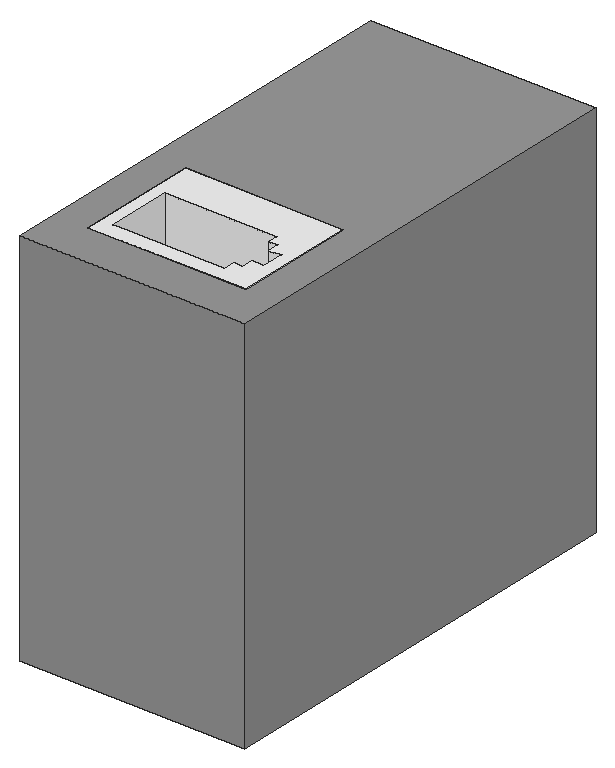
Revit family "Domotics-DomesticRanges-GEWISS-CHORUS_DATA-SOCKET-OUTLET_PHONE_ENG", category Apparecchi elettrici, host Superficie, Revit 2016
Family settings
  Host = Superficie
  Mantenere orientamento annotazione = Sì
  Tipo di parte = Normale
  Quota connettore circolare = Usa diametro
  Numero OmniClass = 23.80.50.11.14
  Titolo OmniClass = Switches
  Taglio con vuoti quando caricato = Sì
  Condiviso = Sì
  Punto di calcolo locali = Sì
Parameters (values of type "GW14406 - TELEPHONE CONNECTOR BRITISH ST TITANIUM")
  Volt = 230 V
  Vista di pianta [instance] = yes
  Version file RFA = "19.0"
  URL = "https://www.gewiss.com/ww/en"
  Tipo_ = SYSTEM PRESE TEL ENG_BASE : GW - Titanio
  Technical sheet = "https://www.gewiss.com/ww/en/search?q=GW14406"
  SIMBOLO [instance] = yes
  Realized by GEWISS S.p.A. = ""
  Produttore = "GEWISS S.p.A."
  Offset pulsante [instance] = 0 mm
  Offset bidimensionale [instance] = 39.5 mm
  N. poli = 1
  Modello = "GW14406"
  Larghezza pulsante = 23 mm
  IFC.TypeObject = ""
  IFC.ExportType = ""
  IFC.ExportAs = ""
  IDT = "877b9bdb-bb23-4ec1-8ae3-ce0bddbed5e2"
  IDF = "df9d88d5-13ea-46c3-aa78-49abfe027388"
  Finitura pulsante = GEWISS ACCIAIO TITANIO
  Electrocod = "3722                "
  EAN code = "8011564267237"
  Distanza_x [instance] = 0 mm
  Distanza_effettiva_y [instance] = 100 mm
  Distanza_effettiva_x [instance] = 1500 mm - Distanza_x  # 1500 mm
  Distanza orizzontale simbolo [instance] = 231.658 mm
  Distanza dal muro [instance] = 4.208 mm
  Default Elevation = 1219.2 mm
  Immagine tipo = GW14406.jpg
  Descrizione = "TELEPHONE CONNECTOR BRITISH ST TITANIUM"
  Catalogue Range = "CHORUS - DOMESTIC RANGE"
  Catalogue = "DOMOTICS"
  Carico apparente = 0 VA
  COBie.Tagnumber = ""
  COBie.CreatedOn = ""
  COBie.CreatebBy = ""
  COBie.ComponentRegisterItemID = ""
  COBie.Component.TagNumber = ""
  COBie.Component.Space = ""
  COBie.Component.SerialNumber = ""
  COBie.Component.InstallationDate = ""
  COBie.Component.Description = ""
  COBie.Component.BarCode = ""
Types (3, lengths in mm): name | Tipo_ | Technical sheet | Modello | IDT | Finitura pulsante | EAN code | Immagine tipo | Descrizione
  GW10406 - TELEPHONE CONNECTOR BRITISH ST WHITE | SYSTEM PRESE TEL ENG_BASE : GW - Bianco | "https://www.gewiss.com/ww/en/search?q=GW10406" | "GW10406" | "d721c7ff-59ab-4262-8270-9319c4af58aa" | GEWISS ACCIAIO BIANCO | "8011564259447" | GW10406.jpg | "TELEPHONE CONNECTOR BRITISH ST WHITE"
  GW12406 - TELEPHONE CONNECTOR BRITISH ST BLACK | SYSTEM PRESE TEL ENG_BASE : GW - Nero | "https://www.gewiss.com/ww/en/search?q=GW12406" | "GW12406" | "db66bb1b-8698-4182-a2e4-27a7aae390a4" | GEWISS ACCIAIO NERO | "8011564269088" | GW12406.jpg | "TELEPHONE CONNECTOR BRITISH ST BLACK"
  GW14406 - TELEPHONE CONNECTOR BRITISH ST TITANIUM | SYSTEM PRESE TEL ENG_BASE : GW - Titanio | "https://www.gewiss.com/ww/en/search?q=GW14406" | "GW14406" | "877b9bdb-bb23-4ec1-8ae3-ce0bddbed5e2" | GEWISS ACCIAIO TITANIO | "8011564267237" | GW14406.jpg | "TELEPHONE CONNECTOR BRITISH ST TITANIUM"
Reference planes
  plane 1 "Centro (Fronte/Retro)": y = 0
  plane 2: z = 0
  plane 3 "Centro (Sinistra/Destra)": x = 0
  plane 4: z = 0
  plane 5 "piano bidimensionale": z = 39.5
  plane 6: x = -11.5
  plane 7: x = 11.5
  plane 8 "A": z = 39
  plane 9: x = -1500
  plane 10: x = 0
  plane 11: y = 100
Lines and regions (mm)
  Masking region 1, visible <- "Vista di pianta"
    outline origin (0, 0, 0) x (1, 0, 0) y (0, 1, 0)
      loop
        line (-11.5, 22.5) -> (-11.5, -22.5) -> (11.5, -22.5) -> (11.5, 22.5) -> (-11.5, 22.5)
      loop
        line (-3.974, 12.386) -> (-5.036, 13.774) -> (-5.991, 13.362) -> (-6.815, 14.295) -> (-7.639, 15.878) -> (-6.75, 16.529) -> (-7.726, 18.22) -> (-9.049, 17.114) -> (-8.658, 15.791) -> (-7.942, 14.295) -> (-6.598, 12.386) -> (-5.687, 11.606) -> (-3.974, 12.386)
      loop
        line (-8.084, -5.561) -> (-8.084, -18.053) -> (8.084, -18.053) -> (8.084, -5.561) -> (-8.084, -5.561)
      loop
        line (4.652, -16.476) -> (4.652, -15.307) -> (5.588, -15.307) -> (5.588, -14.211) -> (6.864, -14.211) -> (6.864, -11.941) -> (5.588, -11.941) -> (5.588, -10.845) -> (4.652, -10.845) -> (4.652, -9.839) -> (-6.799, -9.839) -> (-6.799, -16.476) -> (4.652, -16.476)
  Masking region 2, visible <- "Vista di pianta"
    outline origin (0, 0, 0) x (1, 0, 0) y (0, 0, 1)
      loop
        line (11.5, 0) -> (11.5, 39) -> (-11.5, 39) -> (-11.5, 0) -> (11.5, 0)
  Masking region 3, visible <- "Vista di pianta"
    outline origin (0, 0, 0) x (0, 1, 0) y (0, 0, 1)
      loop
        line (22.5, 0) -> (22.5, 39) -> (-22.5, 39) -> (-22.5, 0) -> (22.5, 0)
  model lines, style "0", detail levels coarse
    curve 1: line (11.5, -22.5, 39.5) -> (-11.5, -22.5, 39.5)
    curve 2: line (-11.5, -22.5, 39.5) -> (-11.5, 22.5, 39.5)
    curve 3: line (-11.5, 22.5, 39.5) -> (11.5, 22.5, 39.5)
    curve 4: line (11.5, 22.5, 39.5) -> (11.5, -22.5, 39.5)
    curve 5: line (-8.084, -18.053, 39.5) -> (-8.084, -5.561, 39.5)
    curve 6: line (-8.084, -5.561, 39.5) -> (8.084, -5.561, 39.5)
    curve 7: line (8.084, -5.561, 39.5) -> (8.084, -18.053, 39.5)
    curve 8: line (8.084, -18.053, 39.5) -> (-8.084, -18.053, 39.5)
    curve 9: line (4.554, -10.262, 39.5) -> (4.554, -9.839, 39.5)
    curve 10: line (4.554, -9.839, 39.5) -> (-6.799, -9.839, 39.5)
    curve 11: line (-6.799, -9.839, 39.5) -> (-6.799, -14.947, 39.5)
    curve 12: line (-6.799, -14.947, 39.5) -> (-6.279, -14.947, 39.5)
    curve 13: line (-6.279, -14.947, 39.5) -> (-6.279, -16.476, 39.5)
    curve 14: line (-6.279, -16.476, 39.5) -> (4.652, -16.476, 39.5)
    curve 15: line (4.652, -16.476, 39.5) -> (4.652, -15.727, 39.5)
    curve 16: line (4.652, -15.727, 39.5) -> (6.148, -15.727, 39.5)
    curve 17: line (6.148, -15.727, 39.5) -> (6.148, -14.621, 39.5)
    curve 18: line (6.148, -14.621, 39.5) -> (6.864, -14.621, 39.5)
    curve 19: line (6.864, -14.621, 39.5) -> (6.864, -11.531, 39.5)
    curve 20: line (6.864, -11.531, 39.5) -> (6.148, -11.531, 39.5)
    curve 21: line (6.148, -11.531, 39.5) -> (6.148, -10.262, 39.5)
    curve 22: line (6.148, -10.262, 39.5) -> (4.554, -10.262, 39.5)
    curve 23: line (-7.726, 18.22, 39.5) -> (-9.049, 17.114, 39.5)
    curve 24: line (-9.049, 17.114, 39.5) -> (-8.658, 15.791, 39.5)
    curve 25: line (-8.658, 15.791, 39.5) -> (-7.942, 14.295, 39.5)
    curve 26: line (-7.942, 14.295, 39.5) -> (-6.598, 12.386, 39.5)
    curve 27: line (-6.598, 12.386, 39.5) -> (-5.687, 11.606, 39.5)
    curve 28: line (-5.687, 11.606, 39.5) -> (-3.974, 12.386, 39.5)
    curve 29: line (-3.974, 12.386, 39.5) -> (-5.036, 13.774, 39.5)
    curve 30: line (-5.036, 13.774, 39.5) -> (-5.991, 13.362, 39.5)
    curve 31: line (-5.991, 13.362, 39.5) -> (-6.815, 14.295, 39.5)
    curve 32: line (-6.815, 14.295, 39.5) -> (-7.639, 15.878, 39.5)
    curve 33: line (-7.639, 15.878, 39.5) -> (-6.75, 16.529, 39.5)
    curve 34: line (-6.75, 16.529, 39.5) -> (-7.726, 18.22, 39.5)
  model lines, style "0", not visible, detail levels coarse
    curve 35: line (99.729, 22.641, 49) -> (76.729, 22.641, 49)
    curve 36: line (76.729, 22.641, 49) -> (76.729, 67.641, 49)
    curve 37: line (76.729, 67.641, 49) -> (99.729, 67.641, 49)
    curve 38: line (99.729, 67.641, 49) -> (99.729, 22.641, 49)
    curve 39: line (80.145, 27.088, 49) -> (80.145, 39.58, 49)
    curve 40: line (80.145, 39.58, 49) -> (96.313, 39.58, 49)
    curve 41: line (96.313, 39.58, 49) -> (96.313, 27.088, 49)
    curve 42: line (96.313, 27.088, 49) -> (80.145, 27.088, 49)
    curve 43: line (92.784, 34.879, 49) -> (92.784, 35.302, 49)
    curve 44: line (92.784, 35.302, 49) -> (81.43, 35.302, 49)
    curve 45: line (81.43, 35.302, 49) -> (81.43, 30.195, 49)
    curve 46: line (81.43, 30.195, 49) -> (81.951, 30.195, 49)
    curve 47: line (81.951, 30.195, 49) -> (81.951, 28.666, 49)
    curve 48: line (81.951, 28.666, 49) -> (92.881, 28.666, 49)
    curve 49: line (92.881, 28.666, 49) -> (92.881, 29.414, 49)
    curve 50: line (92.881, 29.414, 49) -> (94.378, 29.414, 49)
    curve 51: line (94.378, 29.414, 49) -> (94.378, 30.52, 49)
    curve 52: line (94.378, 30.52, 49) -> (95.093, 30.52, 49)
    curve 53: line (95.093, 30.52, 49) -> (95.093, 33.611, 49)
    curve 54: line (95.093, 33.611, 49) -> (94.378, 33.611, 49)
    curve 55: line (94.378, 33.611, 49) -> (94.378, 34.879, 49)
    curve 56: line (94.378, 34.879, 49) -> (92.784, 34.879, 49)
    curve 57: line (83.085, 35.302, 49) -> (83.085, 32.644, 49)
    curve 58: line (83.085, 32.644, 49) -> (83.605, 32.644, 49)
    curve 59: line (83.605, 32.644, 49) -> (83.605, 35.302, 49)
    curve 60: line (84.754, 35.302, 49) -> (84.754, 32.644, 49)
    curve 61: line (84.754, 32.644, 49) -> (85.275, 32.644, 49)
    curve 62: line (85.275, 32.644, 49) -> (85.275, 35.302, 49)
    curve 63: line (86.424, 35.302, 49) -> (86.424, 32.644, 49)
    curve 64: line (86.424, 32.644, 49) -> (86.945, 32.644, 49)
    curve 65: line (86.945, 32.644, 49) -> (86.945, 35.302, 49)
    curve 66: line (88.094, 35.302, 49) -> (88.094, 32.644, 49)
    curve 67: line (88.094, 32.644, 49) -> (88.615, 32.644, 49)
    curve 68: line (88.615, 32.644, 49) -> (88.615, 35.302, 49)
    curve 69: line (89.764, 35.302, 49) -> (89.764, 32.644, 49)
    curve 70: line (89.764, 32.644, 49) -> (90.285, 32.644, 49)
    curve 71: line (90.285, 32.644, 49) -> (90.285, 35.302, 49)
    curve 72: line (91.434, 35.302, 49) -> (91.434, 32.644, 49)
    curve 73: line (91.434, 32.644, 49) -> (91.955, 32.644, 49)
    curve 74: line (91.955, 32.644, 49) -> (91.955, 35.302, 49)
    curve 75: line (80.504, 63.362, 49) -> (79.181, 62.256, 49)
    curve 76: line (79.181, 62.256, 49) -> (79.571, 60.933, 49)
    curve 77: line (79.571, 60.933, 49) -> (80.287, 59.436, 49)
    curve 78: line (80.287, 59.436, 49) -> (81.631, 57.528, 49)
    curve 79: line (81.631, 57.528, 49) -> (82.542, 56.747, 49)
    curve 80: line (82.542, 56.747, 49) -> (84.256, 57.528, 49)
    curve 81: line (84.256, 57.528, 49) -> (83.193, 58.916, 49)
    curve 82: line (83.193, 58.916, 49) -> (82.239, 58.504, 49)
    curve 83: line (82.239, 58.504, 49) -> (81.414, 59.436, 49)
    curve 84: line (81.414, 59.436, 49) -> (80.59, 61.02, 49)
    curve 85: line (80.59, 61.02, 49) -> (81.48, 61.67, 49)
    curve 86: line (81.48, 61.67, 49) -> (80.504, 63.362, 49)
    curve 87: line (94.988, -12.678, 39.5) -> (71.988, -12.678, 39.5)
    curve 88: line (71.988, -12.678, 39.5) -> (71.988, 32.322, 39.5)
    curve 89: line (71.988, 32.322, 39.5) -> (94.988, 32.322, 39.5)
    curve 90: line (94.988, 32.322, 39.5) -> (94.988, -12.678, 39.5)
    curve 91: line (75.404, -8.231, 39.5) -> (75.404, 4.261, 39.5)
    curve 92: line (75.404, 4.261, 39.5) -> (91.572, 4.261, 39.5)
    curve 93: line (91.572, 4.261, 39.5) -> (91.572, -8.231, 39.5)
    curve 94: line (91.572, -8.231, 39.5) -> (75.404, -8.231, 39.5)
    curve 95: line (88.043, -0.44, 39.5) -> (88.043, -0.017, 39.5)
    curve 96: line (88.043, -0.017, 39.5) -> (76.689, -0.017, 39.5)
    curve 97: line (76.689, -0.017, 39.5) -> (76.689, -5.125, 39.5)
    curve 98: line (76.689, -5.125, 39.5) -> (77.21, -5.125, 39.5)
    curve 99: line (77.21, -5.125, 39.5) -> (77.21, -6.654, 39.5)
    curve 100: line (77.21, -6.654, 39.5) -> (88.14, -6.654, 39.5)
    curve 101: line (88.14, -6.654, 39.5) -> (88.14, -5.905, 39.5)
    curve 102: line (88.14, -5.905, 39.5) -> (89.637, -5.905, 39.5)
    curve 103: line (89.637, -5.905, 39.5) -> (89.637, -4.799, 39.5)
    curve 104: line (89.637, -4.799, 39.5) -> (90.352, -4.799, 39.5)
    curve 105: line (90.352, -4.799, 39.5) -> (90.352, -1.709, 39.5)
    curve 106: line (90.352, -1.709, 39.5) -> (89.637, -1.709, 39.5)
    curve 107: line (89.637, -1.709, 39.5) -> (89.637, -0.44, 39.5)
    curve 108: line (89.637, -0.44, 39.5) -> (88.043, -0.44, 39.5)
    curve 109: line (75.763, 28.043, 39.5) -> (74.44, 26.936, 39.5)
    curve 110: line (74.44, 26.936, 39.5) -> (74.83, 25.613, 39.5)
    curve 111: line (74.83, 25.613, 39.5) -> (75.546, 24.117, 39.5)
    curve 112: line (75.546, 24.117, 39.5) -> (76.89, 22.209, 39.5)
    curve 113: line (76.89, 22.209, 39.5) -> (77.801, 21.428, 39.5)
    curve 114: line (77.801, 21.428, 39.5) -> (79.515, 22.209, 39.5)
    curve 115: line (79.515, 22.209, 39.5) -> (78.452, 23.597, 39.5)
    curve 116: line (78.452, 23.597, 39.5) -> (77.498, 23.184, 39.5)
    curve 117: line (77.498, 23.184, 39.5) -> (76.673, 24.117, 39.5)
    curve 118: line (76.673, 24.117, 39.5) -> (75.849, 25.7, 39.5)
    curve 119: line (75.849, 25.7, 39.5) -> (76.739, 26.351, 39.5)
    curve 120: line (76.739, 26.351, 39.5) -> (75.763, 28.043, 39.5)
Dimensions and locks
  "Offset pulsante": plane 4 to host face
  equal spacing: plane 6, plane 3 "Centro (Sinistra/Destra)", plane 7
  "Larghezza pulsante": plane 6 to plane 7
  locked: plane 8 "A" to plane 4 at 39
  plane 9 to plane 3 "Centro (Sinistra/Destra)" = 1500 mm
  "Distanza_effettiva_x": plane 9 to plane 10
  "Distanza_effettiva_y": plane 11 to plane 1 "Centro (Fronte/Retro)"
  "Offset bidimensionale": plane 5 "piano bidimensionale" to host face
  aligned and locked: plane 2 to host face
  aligned and locked: level to host face
  aligned and locked: plane 10 to nested 1
  aligned and locked: plane 1 "Centro (Fronte/Retro)" to nested 1
  aligned and locked: Masking region 1 sketch curve to plane 6
  aligned and locked: Masking region 1 sketch curve to plane 7
  aligned and locked: nested 2 to plane 10
  aligned and locked: nested 2 to plane 11
  aligned and locked: Masking region 3 to plane 4
Automatic sketch dimensions
  host sketch curve to host sketch curve = 2438.4 mm  (x2)
  plane 1 "Centro (Fronte/Retro)" to Masking region 1 sketch curve = 22.5 mm
  Masking region 1 sketch curve to plane 1 "Centro (Fronte/Retro)" = 22.5 mm
  Masking region 1 sketch curve to plane 3 "Centro (Sinistra/Destra)" = 3.974 mm
  Masking region 1 sketch curve to plane 1 "Centro (Fronte/Retro)" = 12.386 mm
  Masking region 1 sketch curve to Masking region 1 sketch curve = 1.713 mm
  Masking region 1 sketch curve to Masking region 1 sketch curve = 1.063 mm
  Masking region 1 sketch curve to Masking region 1 sketch curve = 0.781 mm  (x2)
  Masking region 1 sketch curve to Masking region 1 sketch curve = 1.388 mm
  Masking region 1 sketch curve to Masking region 1 sketch curve = 0.911 mm
  Masking region 1 sketch curve to Masking region 1 sketch curve = 1.345 mm
  Masking region 1 sketch curve to Masking region 1 sketch curve = 1.909 mm
  Masking region 1 sketch curve to Masking region 1 sketch curve = 0.716 mm
  Masking region 1 sketch curve to Masking region 1 sketch curve = 1.496 mm
  Masking region 1 sketch curve to Masking region 1 sketch curve = 0.39 mm
  Masking region 1 sketch curve to Masking region 1 sketch curve = 1.323 mm  (x2)
  Masking region 1 sketch curve to Masking region 1 sketch curve = 1.106 mm
  Masking region 1 sketch curve to Masking region 1 sketch curve = 0.976 mm
  Masking region 1 sketch curve to Masking region 1 sketch curve = 1.692 mm
  Masking region 1 sketch curve to Masking region 1 sketch curve = 1.019 mm
  Masking region 1 sketch curve to Masking region 1 sketch curve = 0.087 mm
  Masking region 1 sketch curve to Masking region 1 sketch curve = 1.128 mm
  Masking region 1 sketch curve to Masking region 1 sketch curve = 0 mm
  Masking region 1 sketch curve to Masking region 1 sketch curve = 0.954 mm
  Masking region 1 sketch curve to Masking region 1 sketch curve = 0.412 mm
  plane 6 to Masking region 1 sketch curve = 3.416 mm
  plane 1 "Centro (Fronte/Retro)" to Masking region 1 sketch curve = 5.561 mm
  Masking region 1 sketch curve to Masking region 1 sketch curve = 4.447 mm
  Masking region 1 sketch curve to plane 7 = 3.416 mm
  Masking region 1 sketch curve to Masking region 1 sketch curve = 1.285 mm
  Masking region 1 sketch curve to Masking region 1 sketch curve = 1.578 mm
  Masking region 1 sketch curve to Masking region 1 sketch curve = 3.432 mm
  Masking region 1 sketch curve to Masking region 1 sketch curve = 4.278 mm
  Masking region 1 sketch curve to Masking region 1 sketch curve = 1.006 mm
  Masking region 1 sketch curve to Masking region 1 sketch curve = 0.936 mm  (x2)
  Masking region 1 sketch curve to Masking region 1 sketch curve = 1.096 mm  (x2)
  Masking region 1 sketch curve to Masking region 1 sketch curve = 1.276 mm  (x2)
  Masking region 1 sketch curve to Masking region 1 sketch curve = 2.27 mm
  Masking region 2 sketch curve to plane 4 = 0 mm
  Masking region 2 sketch curve to plane 8 "A" = 0 mm
  curve 2 to curve 23 = 4.28 mm
  curve 23 to curve 24 = 1.106 mm
  curve 23 to curve 34 = 1.692 mm
  curve 33 to curve 32 = 0.651 mm
  curve 32 to curve 24 = 0.087 mm
  curve 32 to curve 32 = 1.583 mm
  curve 25 to curve 31 = 0 mm
  curve 31 to curve 29 = 0.521 mm
  curve 29 to curve 30 = 0.412 mm
  curve 30 to curve 26 = 0.976 mm
  curve 29 to curve 28 = 1.388 mm
  curve 27 to curve 27 = 0.781 mm
  curve 27 to curve 6 = 17.167 mm
  curve 5 to curve 11 = 4.278 mm
  curve 9 to curve 22 = 0.423 mm
  curve 21 to curve 19 = 1.269 mm
  curve 19 to curve 18 = 3.09 mm
  curve 17 to curve 16 = 1.106 mm
  curve 12 to curve 14 = 1.529 mm
  curve 13 to curve 8 = 1.578 mm
  curve 5 to curve 2 = 4.447 mm
  curve 2 to curve 24 = 2.451 mm
  curve 23 to curve 25 = 0.39 mm
  curve 1 to curve 5 = 3.416 mm
  curve 24 to curve 26 = 0.716 mm
  curve 23 to curve 23 = 1.323 mm
  curve 25 to curve 32 = 1.019 mm
  curve 25 to curve 32 = 1.128 mm
  curve 5 to curve 11 = 1.285 mm
  curve 32 to curve 34 = 0.889 mm
  curve 31 to curve 27 = 0.217 mm
  curve 11 to curve 13 = 0.521 mm
  curve 26 to curve 30 = 0.607 mm
  curve 27 to curve 27 = 0.911 mm
  curve 30 to curve 29 = 0.954 mm
  curve 29 to curve 28 = 1.063 mm
  curve 9 to curve 15 = 0.098 mm
  curve 9 to curve 20 = 1.594 mm
  curve 15 to curve 18 = 1.496 mm
  curve 17 to curve 19 = 0.716 mm
  curve 16 to curve 8 = 1.936 mm
  curve 28 to curve 4 = 15.474 mm
  curve 10 to curve 13 = 5.107 mm
  curve 10 to curve 9 = 11.353 mm
  curve 88 to curve 109 = 4.28 mm
  curve 109 to curve 110 = 1.106 mm
  curve 109 to curve 120 = 1.692 mm
  curve 119 to curve 118 = 0.651 mm
  curve 118 to curve 110 = 0.087 mm
  curve 118 to curve 118 = 1.583 mm
  curve 111 to curve 117 = 0 mm
  curve 117 to curve 115 = 0.521 mm
  curve 115 to curve 116 = 0.412 mm
  curve 116 to curve 112 = 0.976 mm
  curve 115 to curve 114 = 1.388 mm
  curve 113 to curve 113 = 0.781 mm
  curve 113 to curve 92 = 17.167 mm
  curve 91 to curve 97 = 4.278 mm
  curve 95 to curve 108 = 0.423 mm
  curve 107 to curve 105 = 1.269 mm
  curve 105 to curve 104 = 3.09 mm
  curve 103 to curve 102 = 1.106 mm
  curve 98 to curve 100 = 1.529 mm
  curve 99 to curve 94 = 1.578 mm
  curve 91 to curve 88 = 4.447 mm
  curve 88 to curve 110 = 2.451 mm
  curve 109 to curve 111 = 0.39 mm
  curve 87 to curve 91 = 3.416 mm
  curve 110 to curve 112 = 0.716 mm
  curve 109 to curve 109 = 1.323 mm
  curve 111 to curve 118 = 1.019 mm
  curve 111 to curve 118 = 1.128 mm
  curve 91 to curve 97 = 1.285 mm
  curve 118 to curve 120 = 0.889 mm
  curve 117 to curve 113 = 0.217 mm
  curve 97 to curve 99 = 0.521 mm
  curve 112 to curve 116 = 0.607 mm
  curve 113 to curve 113 = 0.911 mm
  curve 116 to curve 115 = 0.954 mm
  curve 115 to curve 114 = 1.063 mm
  curve 95 to curve 101 = 0.098 mm
  curve 95 to curve 106 = 1.594 mm
  curve 101 to curve 104 = 1.496 mm
  curve 103 to curve 105 = 0.716 mm
  curve 102 to curve 94 = 1.936 mm
  curve 114 to curve 90 = 15.474 mm
  curve 96 to curve 99 = 5.107 mm
  curve 96 to curve 95 = 11.353 mm
  Masking region 2 sketch curve to plane 6 = 0 mm
  Masking region 2 sketch curve to plane 7 = 0 mm
  Masking region 3 sketch curve to level = 0 mm
  plane 8 "A" to Masking region 3 sketch curve = 0 mm
  plane 1 "Centro (Fronte/Retro)" to Masking region 3 sketch curve = 22.5 mm
  Masking region 3 sketch curve to plane 1 "Centro (Fronte/Retro)" = 22.5 mm
Nested families
  nested 1: "SYSTEM PRESE TEL ENG_BASE" at (0, 0, 0), type <- "Tipo_", type "GW - Titanio", detail levels medium+fine
  nested 2: "SIMBOLO" at (0, 100, 0), visible <- "SIMBOLO", SIMBOLO <- "SIMBOLO", type "SUONERIA"
    with SIMBOLO yes, Distanza dal muro 4.208 mm, BORDO ACCESO yes
Connectors
  electrical at (0, 0, 0), driven by "N. poli", driven by "Volt", driven by "Carico apparente"
    settings: on nested 1, index 1, voltage 230 V, apparent load 0 VA, apparent load phase1 0 VA, apparent load phase2 0 VA, apparent load phase3 0 VA, power factor 1, load classification "Altro", number of poles 1, system type 31, power factor state 1, is connector primary yes, connector utility no, sub classification motor no, connector description ""
Definition of nested family "SYSTEM PRESE TEL ENG_BASE"
  Parameters (values of type "GW - Bianco")
    Pulsante = none
    Profondità suporto = 15.673 mm
    Larghezza pulsante = 23 mm  # constant formula
    Bidimensionale = 39 mm
    Altezza pulsante = 45 mm
  Types (3): name
    GW - Bianco
    GW - Nero
    GW - Titanio
  Reference planes
    plane 1 "Centro (Fronte/Retro)": y = 0
    plane 2: z = 0
    plane 3 "Centro (Sinistra/Destra)": x = 0
    plane 4: y = -22.5
    plane 5: y = 22.5
    plane 6: x = -11.5
    plane 7: x = 11.5
    plane 8 "A": z = 39
    plane 9: z = 29
    plane 10: z = 27
  Forms (mm)
    Extrusion 1, solid, material <- "Pulsante"
      sketch origin (0, 0, 39) x (-1, 0, 0) y (0, -1, 0)
        loop
          line (11.5, -22.5) -> (11.5, 22.5) -> (-11.5, 22.5) -> (-11.5, -22.5) -> (11.5, -22.5)
        loop
          line (8.084, 18.053) -> (-8.084, 18.053) -> (-8.084, 5.561) -> (8.084, 5.561) -> (8.084, 18.053)
      from -39 to 0
    Extrusion 2, solid
      sketch origin (0, 0, 39) x (-1, 0, 0) y (0, -1, 0)
        loop
          line (8.084, 18.053) -> (-8.084, 18.053) -> (-8.084, 5.561) -> (8.084, 5.561) -> (8.084, 18.053)
        loop
          line (6.799, 16.476) -> (-4.652, 16.476) -> (-4.652, 15.307) -> (-5.588, 15.307) -> (-5.588, 14.211) -> (-6.864, 14.211) -> (-6.864, 11.941) -> (-5.588, 11.941) -> (-5.588, 10.845) -> (-4.652, 10.845) -> (-4.652, 9.839) -> (6.799, 9.839) -> (6.799, 16.476)
      from -10 to 0
    Extrusion 3, solid
      sketch origin (0, 0, 39) x (-1, 0, 0) y (0, -1, 0)
        loop
          line (6.799, 9.839) -> (6.799, 16.476) -> (-4.652, 16.476) -> (-4.652, 15.307) -> (-5.588, 15.307) -> (-5.588, 14.211) -> (-6.864, 14.211) -> (-6.864, 11.941) -> (-5.588, 11.941) -> (-5.588, 10.845) -> (-4.652, 10.845) -> (-4.652, 9.839) -> (6.799, 9.839)
      from -12 to -10
    Extrusion 4, solid, material <- "Pulsante"
      sketch origin (0, 0, 0) x (0, 1, 0) y (0, 0, 1)
        loop
          line (-18.053, 0) -> (-5.561, 0) -> (-5.561, 1.969) -> (-18.053, 1.969) -> (-18.053, 0)
      from -8.084 to 8.084
  Cuts and joins
    joined: Extrusion 1, Extrusion 4
  Lines and regions (mm)
    model lines
      curve 1: line (-8.084, -18.053, 39) -> (-8.084, -5.561, 39)
      curve 2: line (-8.084, -5.561, 39) -> (8.084, -5.561, 39)
      curve 3: line (8.084, -5.561, 39) -> (8.084, -18.053, 39)
      curve 4: line (8.084, -18.053, 39) -> (-8.084, -18.053, 39)
      curve 5: line (-7.726, 18.22, 39) -> (-9.049, 17.114, 39)
      curve 6: line (-9.049, 17.114, 39) -> (-8.658, 15.791, 39)
      curve 7: line (-8.658, 15.791, 39) -> (-7.942, 14.295, 39)
      curve 8: line (-7.942, 14.295, 39) -> (-6.598, 12.386, 39)
      curve 9: line (-6.598, 12.386, 39) -> (-5.687, 11.606, 39)
      curve 10: line (-5.687, 11.606, 39) -> (-3.974, 12.386, 39)
      curve 11: line (-3.974, 12.386, 39) -> (-5.036, 13.774, 39)
      curve 12: line (-5.036, 13.774, 39) -> (-5.991, 13.362, 39)
      curve 13: line (-5.991, 13.362, 39) -> (-6.815, 14.295, 39)
      curve 14: line (-6.815, 14.295, 39) -> (-7.639, 15.878, 39)
      curve 15: line (-7.639, 15.878, 39) -> (-6.75, 16.529, 39)
      curve 16: line (-6.75, 16.529, 39) -> (-7.726, 18.22, 39)
  Dimensions and locks
    equal spacing: plane 4, plane 1 "Centro (Fronte/Retro)", plane 5
    plane 4 to plane 5 = 45 mm
    equal spacing: plane 6, plane 3 "Centro (Sinistra/Destra)", plane 7
    "Larghezza pulsante": plane 6 to plane 7
    equal spacing: plane 5, plane 1 "Centro (Fronte/Retro)", plane 4
    "Altezza pulsante": plane 5 to plane 4
    "Bidimensionale": plane 8 "A" to level
    plane 8 "A" to level = 39 mm
    plane 8 "A" to plane 9 = 10 mm
    locked: plane 9 to plane 10 at 2
    aligned and locked: level to plane 2
    aligned and locked: Extrusion 1 sketch curve to plane 6
    aligned and locked: Extrusion 1 sketch curve to plane 5
    aligned and locked: Extrusion 1 sketch curve to plane 7
    aligned and locked: Extrusion 1 sketch curve to plane 4
    aligned and locked: Extrusion 1 to level
    aligned and locked: plane 8 "A" to Extrusion 1
    aligned and locked: plane 8 "A" to Extrusion 2
    aligned and locked: Extrusion 3 to Extrusion 2
    aligned and locked: Extrusion 3 to plane 10
    aligned and locked: Extrusion 4 sketch curve to Extrusion 1  (x2)
    aligned and locked: Extrusion 4 to curve 1
    aligned and locked: Extrusion 4 to curve 2
  Automatic sketch dimensions
    curve 10 to plane 3 "Centro (Sinistra/Destra)" = 3.974 mm
    curve 10 to curve 12 = 1.063 mm
    curve 10 to curve 10 = 1.713 mm
    curve 11 to curve 13 = 0.954 mm
    curve 12 to curve 8 = 0.607 mm
    curve 11 to curve 16 = 1.713 mm
    curve 12 to curve 14 = 0.824 mm
    curve 15 to curve 15 = 0.889 mm
    curve 15 to curve 5 = 0.976 mm
    curve 13 to curve 7 = 1.128 mm
    curve 15 to curve 7 = 1.019 mm
    curve 7 to curve 5 = 0.39 mm
    curve 5 to plane 5 = 4.28 mm
    curve 5 to curve 6 = 1.106 mm
    curve 5 to curve 16 = 1.692 mm
    curve 15 to curve 15 = 0.651 mm
    curve 15 to curve 6 = 0.087 mm
    curve 14 to curve 13 = 1.583 mm
    curve 7 to curve 13 = 0 mm
    curve 13 to curve 11 = 0.521 mm
    curve 11 to curve 13 = 0.412 mm
    curve 12 to curve 9 = 0.976 mm
    curve 11 to curve 11 = 1.388 mm
    curve 9 to curve 9 = 0.781 mm
    plane 1 "Centro (Fronte/Retro)" to curve 2 = 5.561 mm
    plane 6 to Extrusion 1 sketch curve = 3.416 mm
    plane 1 "Centro (Fronte/Retro)" to Extrusion 1 sketch curve = 5.561 mm
    Extrusion 1 sketch curve to plane 7 = 3.416 mm
    plane 4 to Extrusion 1 sketch curve = 4.447 mm
    Extrusion 2 sketch curve to plane 7 = 3.416 mm
    Extrusion 2 sketch curve to Extrusion 2 sketch curve = 1.22 mm
    Extrusion 2 sketch curve to Extrusion 2 sketch curve = 1.276 mm  (x2)
    Extrusion 2 sketch curve to Extrusion 2 sketch curve = 0.936 mm  (x2)
    plane 6 to Extrusion 2 sketch curve = 4.701 mm
    plane 6 to Extrusion 2 sketch curve = 3.416 mm
    plane 1 "Centro (Fronte/Retro)" to Extrusion 2 sketch curve = 5.561 mm
    Extrusion 2 sketch curve to Extrusion 2 sketch curve = 4.278 mm
    Extrusion 2 sketch curve to Extrusion 2 sketch curve = 1.006 mm
    Extrusion 2 sketch curve to Extrusion 2 sketch curve = 1.096 mm  (x2)
    Extrusion 2 sketch curve to Extrusion 2 sketch curve = 2.27 mm
    Extrusion 2 sketch curve to Extrusion 2 sketch curve = 1.168 mm
    Extrusion 2 sketch curve to Extrusion 2 sketch curve = 2.746 mm
    plane 4 to curve 4 = 4.447 mm
    plane 6 to Extrusion 3 sketch curve = 4.701 mm
    plane 1 "Centro (Fronte/Retro)" to Extrusion 3 sketch curve = 9.839 mm
    plane 4 to Extrusion 3 sketch curve = 6.024 mm
    plane 3 "Centro (Sinistra/Destra)" to Extrusion 3 sketch curve = 4.652 mm
    Extrusion 3 sketch curve to Extrusion 3 sketch curve = 1.168 mm
    Extrusion 3 sketch curve to Extrusion 3 sketch curve = 0.936 mm  (x2)
    Extrusion 3 sketch curve to Extrusion 3 sketch curve = 1.096 mm  (x2)
    Extrusion 3 sketch curve to Extrusion 3 sketch curve = 1.276 mm  (x2)
    Extrusion 3 sketch curve to Extrusion 3 sketch curve = 2.27 mm
    Extrusion 4 sketch curve to level = 0 mm
    level to Extrusion 4 sketch curve = 1.969 mm
Definition of nested family "SIMBOLO"
  Parameters (values of type "SUONERIA")
    Simbolo = SIMBOLO SEGNAL ACUSTICA_BASE : SUONERIA
    SIMBOLO [instance] = yes
    Distanza dal muro [instance] = 4.208 mm
    BORDO ACCESO [instance] = yes
  Types (2, lengths in mm): name | Simbolo
    SUONERIA | SIMBOLO SEGNAL ACUSTICA_BASE : SUONERIA
    RONZATORE | SIMBOLO SEGNAL ACUSTICA_BASE : RONZATORE
  Reference planes
    plane 1: y = 0
    plane 2: x = 0
  Dimensions and locks
    aligned and locked: plane 2 to nested 1
    aligned and locked: plane 1 to nested 1
  Nested families
    nested 1: "SIMBOLO SEGNAL ACUSTICA_BASE" at (0, 0, 0), BORDO ACCESO <- "BORDO ACCESO", type <- "Simbolo", visible <- "SIMBOLO", type "SUONERIA"
      with BORDO ACCESO yes
  Definition of nested family "SIMBOLO SEGNAL ACUSTICA_BASE"
    Parameters (values of type "SUONERIA E")
      SUONERIA E = yes
      SUONERIA = no
      RONZATORE = no
      Distanza dal muro = 4.208 mm
      BORDO ACCESO [instance] = yes
    Types (4, lengths in mm): name | SUONERIA E | SUONERIA | RONZATORE
      COMM | yes | yes | yes
      SUONERIA | no | yes | no
      SUONERIA E | yes | no | no
      RONZATORE | no | no | yes
    Reference planes
      plane 1: y = 0
      plane 2: x = 0
    Lines and regions (mm)
      detail lines, visible <- "BORDO ACCESO", not visible
        curve 1: line (-1.743, 9.208, 0) -> (2.057, 9.208, 0)
        curve 2: line (2.057, 9.208, 0) -> (2.057, 4.208, 0)
        curve 3: line (2.057, 4.208, 0) -> (-1.743, 4.208, 0)
        curve 4: line (-1.743, 4.208, 0) -> (-1.743, 9.208, 0)
        curve 5: line (-1.543, 9.008, 0) -> (1.857, 9.008, 0)
        curve 6: line (1.857, 9.008, 0) -> (1.857, 4.408, 0)
        curve 7: line (1.857, 4.408, 0) -> (-1.543, 4.408, 0)
        curve 8: line (-1.543, 4.408, 0) -> (-1.543, 9.008, 0)
      detail lines, visible <- "SUONERIA E", not visible
        curve 9: line (-0.396, -1.509, 0) -> (-0.094, -0.868, 0)
      detail lines, not visible
        curve 10: circle (-0.493, -1.534, 0) r 0.1 normal (0, 0, 1)
